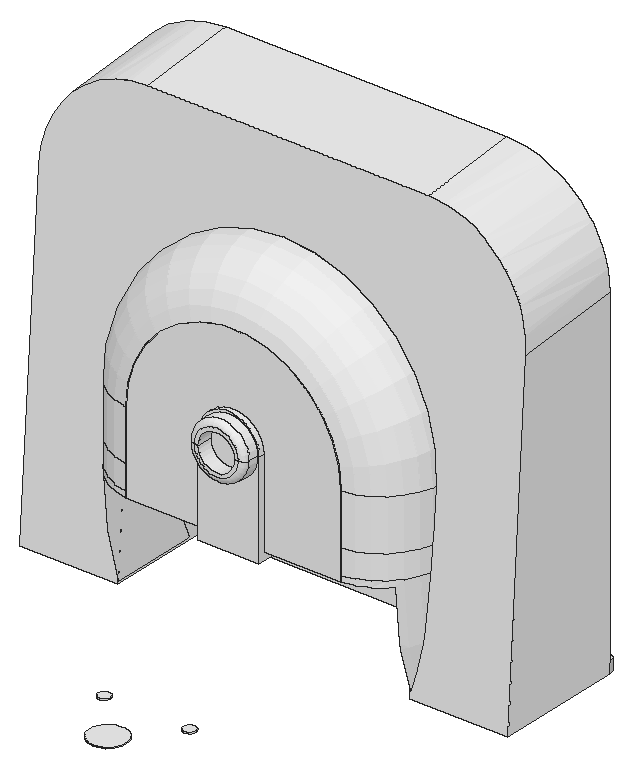
Revit family "Plumbing-Lavatories-Sloan-Valve-SS3506_", category Plumbing Fixtures, host Face, Revit 2019
Family settings
  Host = Face
  Round Connector Dimension = Use Diameter
  Part Type = Normal
  OmniClass Number = 23.45.05.14.14
  OmniClass Title = Sinks/Lavatories
  Cut with Voids When Loaded = Yes
  Shared = No
  Room Calculation Point = No
Parameters (values of type "SS-3506")
  Width = 20"  # constant formula
  Water Flow = 0 GPM
  Waste Connection = yes
  WFU = 2
  Vent Connection = yes
  Valve Pressure Drop = 0.00 psi
  URL = "www.sloanvalve.com"
  Shroud Visibility [instance] = yes
  Sanitary Drain Connector Description = "Sanitary Drain Connector d1 1/2\""
  Sanitary Drain Connection Diameter = 1 1/2"  # constant formula
  Product data url = "https://bimobject.com/sloan_valve/product/lavatories_sloan_ss-3506"
  Product Material = Sloan Valve - Vitreous China - White
  Product Guid = ""
  Part Number = "3873506"
  Model = "SS-3506"
  Manufacturer = "Sloan Valve"  # constant formula
  Keynote = "10000"
  Installation Height [instance] = 34"  # constant formula
  Hot Water Connector Description = "Hot Water Connector d1/2\""
  Hot Water Connection Diameter = 1/2"  # constant formula
  Height = 7 1/4"  # constant formula
  HWFU = 1.5
  HW Connection = yes
  Edition number = 1
  Description = "Vitreous China Wall-Mounted Ledgeback Lavatory."
  Depth = 18"  # constant formula
  Default Elevation = 0"
  Cold Water Connector Description = "Cold Water Connector d1/2\""
  Cold Water Connection Diameter = 1/2"  # constant formula
  CWFU = 1.5
  CW Connection = yes
  Assembly Code = "D2010400"
  ADA Compliant [instance] = 1 = 1  # yes
Types (3): name | Product Material | Part Number | Model | Description
  (no name) | Sloan Valve - Vitreous China - White | "3873506" | "SS-3506" | "Vitreous China Wall-Mounted Ledgeback Lavatory."
  SS-3506 | Sloan Valve - Vitreous China - White | "3873506" | "SS-3506" | "Vitreous China Wall-Mounted Ledgeback Lavatory."
  SS-3506-STG | Sloan Valve - Vitreous China - SloanTec Glaze White | "3873576" | "SS-3506-STG" | "Vitreous China Wall-Mounted Ledgeback Lavatory with SloanTec® Glaze."
Reference planes
  plane 1 "Center (Front/Back)": y = 0
  plane 2: z = 0
  plane 3 "Center (Left/Right)": x = 0
  plane 4: z = 449.549
  plane 5: z = 171.872
  plane 6: x = -44.45
  plane 7: x = 44.45
  plane 8: y = 863.6
  plane 9: z = 449.549
  plane 10: z = 171.872
  plane 11: x = -44.45
  plane 12: x = 44.45
Forms (mm)
  Extrusion 1, solid, material "Sloan Valve - Vitreous China - White" <- "Product Material"
    sketch origin (0, 863.6, 0) x (1, 0, 0) y (0, 1, 0)
      loop
        circle (0, -336.55) r 19.05
      loop
        circle (-44.45, -285.75) r 6.35
      loop
        circle (44.45, -285.75) r 6.35
    from 0 to 0.799
  Blend 2, solid, material "Sloan Valve - Vitreous China - White" <- "Product Material"
    base sketch origin (0, 863.6, 0) x (1, 0, 0) y (0, 0, 1)
      loop
        line (146.05, 449.549) -> (-146.05, 449.549)
        arc (-146.05, 449.549) -> (-222.382, 417.931) -> (-254, 341.599) r 107.95
        line (-254, 341.599) -> (-254, 0) -> (254, 0) -> (254, 341.599)
        arc (254, 341.599) -> (222.382, 417.931) -> (146.05, 449.549) r 107.95
    top sketch origin (0, 863.6, 0) x (1, 0, 0) y (0, 0, 1)
      loop
        line (146.05, 463.55) -> (-146.05, 463.55)
        arc (-146.05, 463.55) -> (-222.382, 431.932) -> (-254, 355.6) r 107.95
        line (-254, 355.6) -> (-254, 0) -> (254, 0) -> (254, 355.6)
        arc (254, 355.6) -> (222.382, 431.932) -> (146.05, 463.55) r 107.95
    from 143.602 to 0
  Extrusion 3, void
    sketch origin (0, 850.9, 0) x (0, 1, 0) y (0, 0, 1)
      loop
        line (-120.65, 0) -> (-85.214, 506.763) -> (-155.064, 506.763) -> (-155.064, 0) -> (-120.65, 0)
    from -254 to 254
  Extrusion 4, solid, material "Sloan Valve - Vitreous China - White" <- "Product Material"
    sketch origin (0, 863.6, 0) x (1, 0, 0) y (0, 0, 1)
      loop
        arc (112.31, 197.272) -> (0, 309.581) -> (-112.31, 197.272) r 112.31
        line (-112.31, 197.272) -> (-112.31, 112.265) -> (112.31, 112.265) -> (112.31, 197.272)
    from 47.604 to 173.355
  Extrusion 5, void
    sketch origin (0, 863.6, 0) x (1, 0, 0) y (0, 0, 1)
      loop
        line (130.175, 429.765) -> (-130.175, 429.765)
        arc (-130.175, 429.765) -> (-184.057, 407.447) -> (-206.375, 353.565) r 76.2
        line (-206.375, 353.565) -> (-206.375, 194.815)
        arc (-206.375, 194.815) -> (-184.057, 140.934) -> (-130.175, 118.615) r 76.2
        line (-130.175, 118.615) -> (130.175, 118.615)
        arc (130.175, 118.615) -> (184.057, 140.934) -> (206.375, 194.815) r 76.2
        line (206.375, 194.815) -> (206.375, 353.565)
        arc (206.375, 353.565) -> (184.057, 407.447) -> (130.175, 429.765) r 76.2
    from -46.757 to 100.567
  Extrusion 6, void
    sketch origin (0, 863.6, -53.256) x (1, 0, 0) y (0, 0, 1)
      loop
        line (-152.4, 165.522) -> (-152.4, -75.2) -> (152.4, -75.2) -> (152.4, 165.522) -> (-152.4, 165.522)
    from 21.237 to 192.253
  Extrusion 7, solid, material "Sloan Valve - Vitreous China - White" <- "Product Material"
    sketch origin (0, 863.6, 0) x (1, 0, 0) y (0, 1, 0)
      loop
        line (-206.375, 0) -> (-214.791, 0)
        arc (-214.791, 0) -> (0, -99.133) -> (214.791, 0) r 282.259
        line (214.791, 0) -> (206.375, 0)
        arc (206.375, 0) -> (0, -92.783) -> (-206.375, 0) r 275.909
    from 112.265 to 429.765
  Sweep 8, solid, material "Sloan Valve - Vitreous China - White" <- "Product Material"
    path origin (0, 843.147, 0) x (1, 0, 0) y (0, 0, 1)
      loop
        line (169.286, 144.015) -> (169.286, 197.272)
        arc (169.286, 197.272) -> (0, 366.558) -> (-169.286, 197.272) r 169.286
        line (-169.286, 197.272) -> (-169.286, 144.015)
    profile origin (0, 843.147, 366.558) x (0, 0, -1) y (0, -1, 0)
      loop
        line (0, 87.358) -> (0, 47.604) -> (56.976, 47.604) -> (56.976, 152.902)
        arc (56.976, 152.902) -> (16.235, 130.781) -> (0, 87.358) r 66.188
  Sweep 9, solid, material "Sloan Valve - Vitreous China - White" <- "Product Material"
    path origin (0, 843.147, -53.256) x (0, 1, 0) y (0, 0, 1)
      loop
        line (-100.253, 197.272) -> (-100.253, 171.872)
        arc (-100.253, 171.872) -> (-91.881, 100.623) -> (-67.221, 33.256) r 307.357
    profile origin (0, 742.894, 131.315) x (1, 0, 0) y (0, 1, 0)
      loop
        arc (112.31, -52.649) -> (153.051, -30.528) -> (169.286, 12.895) r 66.188
        line (169.286, 12.895) -> (169.286, 52.649) -> (112.31, 52.649) -> (112.31, -52.649)
      loop
        line (-112.31, -52.649) -> (-112.31, 52.649) -> (-169.286, 52.649) -> (-169.286, 12.895)
        arc (-169.286, 12.895) -> (-153.051, -30.528) -> (-112.31, -52.649) r 66.188
  Extrusion 10, void
    sketch origin (0, 863.6, 0) x (0, 1, 0) y (0, 0, 1)
      loop
        line (-173.355, 2.491) -> (-173.355, -49.601) -> (0, -49.601) -> (0, 2.491) -> (-173.355, 2.491)
    from -254 to 254
  Extrusion 11, void
    sketch origin (0, 863.6, 0) x (1, 0, 0) y (0, 0, 1)
      loop
        circle (0, 76.2) r 12.7
      loop
        circle (-50.8, 76.2) r 12.7
      loop
        circle (50.8, 76.2) r 12.7
      loop
        circle (101.6, 76.2) r 12.7
    from 0 to 94.353
  Extrusion 12, void
    sketch origin (0, 863.6, 0) x (1, 0, 0) y (0, 0, 1)
      loop
        circle (0, 203.2) r 19.05
    from 0 to 461.809
  Extrusion 13, void
    sketch origin (0, 863.6, 0) x (1, 0, 0) y (0, 1, 0)
      loop
        circle (0, -38.016) r 9.525
    from 0 to 221.201
  Extrusion 14, solid, material "Sloan Valve - Vitreous China - White" <- "Product Material"
    sketch origin (0, 863.6, 0) x (1, 0, 0) y (0, 1, 0)
      loop
        arc (-244.475, 9.525) -> (-251.21, 6.735) -> (-254, 0) r 9.525
        line (-254, 0) -> (254, 0)
        arc (254, 0) -> (251.21, 6.735) -> (244.475, 9.525) r 9.525
        line (244.475, 9.525) -> (-244.475, 9.525)
    from 0 to 11.826
  Extrusion 15, solid, material "Sloan Valve - Vitreous China - White" <- "Product Material"
    sketch origin (0, 863.6, 0) x (1, 0, 0) y (0, 0, 1)
      loop
        arc (31.75, 203.2) -> (0, 234.95) -> (-31.75, 203.2) r 31.75
        line (-31.75, 203.2) -> (-31.75, 112.265) -> (31.75, 112.265) -> (31.75, 203.2)
    from 173.355 to 179.234
  Extrusion 16, solid, material "Sloan Valve - Vitreous China - White" <- "Product Material"
    sketch origin (0, 863.6, 0) x (1, 0, 0) y (0, 1, 0)
      loop
        line (31.75, -179.234) -> (31.75, -21.237) -> (-31.75, -21.237) -> (-31.75, -179.234) -> (31.75, -179.234)
    from 103.495 to 112.265
  Revolve 17, solid, material "Sloan Valve - Vitreous China - White" <- "Product Material"
    sketch origin (0, 863.6, 203.2) x (1, 0, 0) y (0, 1, 0)
      loop
        line (-30.865, -165.963) -> (-29.238, -189.22)
        arc (-29.238, -189.22) -> (-27.234, -193.421) -> (-22.904, -195.127) r 6.35
        line (-22.904, -195.127) -> (-19.05, -195.127) -> (-19.05, -165.963) -> (-30.865, -165.963)
      axis (0, -195.127) -> (0, -165.963)
    angle from 0 to 360
  Extrusion 18, solid, material "Sloan Valve - Vitreous China - White" <- "Product Material", not visible
    sketch origin (0, 863.6, 0) x (1, 0, 0) y (0, 1, 0)
      loop
        circle (0, -336.55) r 19.05
      loop
        circle (-44.45, -285.75) r 6.35
      loop
        circle (44.45, -285.75) r 6.35
    from 0 to 0.799
  Blend 19, solid, material "Sloan Valve - Vitreous China - White" <- "Product Material", not visible
    base sketch origin (0, 863.6, 0) x (1, 0, 0) y (0, 0, 1)
      loop
        line (146.05, 449.549) -> (-146.05, 449.549)
        arc (-146.05, 449.549) -> (-222.382, 417.931) -> (-254, 341.599) r 107.95
        line (-254, 341.599) -> (-254, 0) -> (254, 0) -> (254, 341.599)
        arc (254, 341.599) -> (222.382, 417.931) -> (146.05, 449.549) r 107.95
    top sketch origin (0, 863.6, 0) x (1, 0, 0) y (0, 0, 1)
      loop
        line (146.05, 463.55) -> (-146.05, 463.55)
        arc (-146.05, 463.55) -> (-222.382, 431.932) -> (-254, 355.6) r 107.95
        line (-254, 355.6) -> (-254, 0) -> (254, 0) -> (254, 355.6)
        arc (254, 355.6) -> (222.382, 431.932) -> (146.05, 463.55) r 107.95
    from 143.602 to 0
  Extrusion 20, void, not visible
    sketch origin (0, 850.9, 0) x (0, 1, 0) y (0, 0, 1)
      loop
        line (-120.65, 0) -> (-85.214, 506.763) -> (-155.064, 506.763) -> (-155.064, 0) -> (-120.65, 0)
    from -254 to 254
  Extrusion 21, solid, material "Sloan Valve - Vitreous China - White" <- "Product Material", not visible
    sketch origin (0, 863.6, 0) x (1, 0, 0) y (0, 0, 1)
      loop
        arc (112.31, 197.272) -> (0, 309.581) -> (-112.31, 197.272) r 112.31
        line (-112.31, 197.272) -> (-112.31, 112.265) -> (112.31, 112.265) -> (112.31, 197.272)
    from 47.604 to 173.355
  Extrusion 22, void, not visible
    sketch origin (0, 863.6, 0) x (1, 0, 0) y (0, 0, 1)
      loop
        line (130.175, 429.765) -> (-130.175, 429.765)
        arc (-130.175, 429.765) -> (-184.057, 407.447) -> (-206.375, 353.565) r 76.2
        line (-206.375, 353.565) -> (-206.375, 194.815)
        arc (-206.375, 194.815) -> (-184.057, 140.934) -> (-130.175, 118.615) r 76.2
        line (-130.175, 118.615) -> (130.175, 118.615)
        arc (130.175, 118.615) -> (184.057, 140.934) -> (206.375, 194.815) r 76.2
        line (206.375, 194.815) -> (206.375, 353.565)
        arc (206.375, 353.565) -> (184.057, 407.447) -> (130.175, 429.765) r 76.2
    from -46.757 to 100.567
  Extrusion 23, void, not visible
    sketch origin (0, 863.6, -53.256) x (1, 0, 0) y (0, 0, 1)
      loop
        line (-152.4, 165.522) -> (-152.4, -75.2) -> (152.4, -75.2) -> (152.4, 165.522) -> (-152.4, 165.522)
    from 21.237 to 192.253
  Extrusion 24, solid, material "Sloan Valve - Vitreous China - White" <- "Product Material", not visible
    sketch origin (0, 863.6, 0) x (1, 0, 0) y (0, 1, 0)
      loop
        line (-206.375, 0) -> (-214.791, 0)
        arc (-214.791, 0) -> (0, -99.133) -> (214.791, 0) r 282.259
        line (214.791, 0) -> (206.375, 0)
        arc (206.375, 0) -> (0, -92.783) -> (-206.375, 0) r 275.909
    from 112.265 to 429.765
  Sweep 25, solid, material "Sloan Valve - Vitreous China - White" <- "Product Material", not visible
    path origin (0, 843.147, 0) x (1, 0, 0) y (0, 0, 1)
      loop
        line (169.286, 144.015) -> (169.286, 197.272)
        arc (169.286, 197.272) -> (0, 366.558) -> (-169.286, 197.272) r 169.286
        line (-169.286, 197.272) -> (-169.286, 144.015)
    profile origin (0, 843.147, 366.558) x (0, 0, -1) y (0, -1, 0)
      loop
        line (0, 87.358) -> (0, 47.604) -> (56.976, 47.604) -> (56.976, 152.902)
        arc (56.976, 152.902) -> (16.235, 130.781) -> (0, 87.358) r 66.188
  Sweep 26, solid, material "Sloan Valve - Vitreous China - White" <- "Product Material", not visible
    path origin (0, 843.147, -53.256) x (0, 1, 0) y (0, 0, 1)
      loop
        line (-100.253, 197.272) -> (-100.253, 171.872)
        arc (-100.253, 171.872) -> (-91.881, 100.623) -> (-67.221, 33.256) r 307.357
    profile origin (0, 742.894, 131.315) x (1, 0, 0) y (0, 1, 0)
      loop
        arc (112.31, -52.649) -> (153.051, -30.528) -> (169.286, 12.895) r 66.188
        line (169.286, 12.895) -> (169.286, 52.649) -> (112.31, 52.649) -> (112.31, -52.649)
      loop
        line (-112.31, -52.649) -> (-112.31, 52.649) -> (-169.286, 52.649) -> (-169.286, 12.895)
        arc (-169.286, 12.895) -> (-153.051, -30.528) -> (-112.31, -52.649) r 66.188
  Extrusion 27, void, not visible
    sketch origin (0, 863.6, 0) x (0, 1, 0) y (0, 0, 1)
      loop
        line (-173.355, 2.491) -> (-173.355, -49.601) -> (0, -49.601) -> (0, 2.491) -> (-173.355, 2.491)
    from -254 to 254
  Extrusion 28, void, not visible
    sketch origin (0, 863.6, 0) x (1, 0, 0) y (0, 0, 1)
      loop
        circle (0, 76.2) r 12.7
      loop
        circle (-50.8, 76.2) r 12.7
      loop
        circle (50.8, 76.2) r 12.7
      loop
        circle (101.6, 76.2) r 12.7
    from 0 to 94.353
  Extrusion 29, void, not visible
    sketch origin (0, 863.6, 0) x (1, 0, 0) y (0, 0, 1)
      loop
        circle (0, 203.2) r 19.05
    from 0 to 461.809
  Extrusion 30, void, not visible
    sketch origin (0, 863.6, 0) x (1, 0, 0) y (0, 1, 0)
      loop
        circle (0, -38.016) r 9.525
    from 0 to 221.201
  Extrusion 31, solid, material "Sloan Valve - Vitreous China - White" <- "Product Material", not visible
    sketch origin (0, 863.6, 0) x (1, 0, 0) y (0, 1, 0)
      loop
        arc (-244.475, 9.525) -> (-251.21, 6.735) -> (-254, 0) r 9.525
        line (-254, 0) -> (254, 0)
        arc (254, 0) -> (251.21, 6.735) -> (244.475, 9.525) r 9.525
        line (244.475, 9.525) -> (-244.475, 9.525)
    from 0 to 11.826
  Extrusion 32, solid, material "Sloan Valve - Vitreous China - White" <- "Product Material", not visible
    sketch origin (0, 863.6, 0) x (1, 0, 0) y (0, 0, 1)
      loop
        arc (31.75, 203.2) -> (0, 234.95) -> (-31.75, 203.2) r 31.75
        line (-31.75, 203.2) -> (-31.75, 112.265) -> (31.75, 112.265) -> (31.75, 203.2)
    from 173.355 to 179.234
  Extrusion 33, solid, material "Sloan Valve - Vitreous China - White" <- "Product Material", not visible
    sketch origin (0, 863.6, 0) x (1, 0, 0) y (0, 1, 0)
      loop
        line (31.75, -179.234) -> (31.75, -21.237) -> (-31.75, -21.237) -> (-31.75, -179.234) -> (31.75, -179.234)
    from 103.495 to 112.265
  Revolve 34, solid, material "Sloan Valve - Vitreous China - White" <- "Product Material", not visible
    sketch origin (0, 863.6, 203.2) x (1, 0, 0) y (0, 1, 0)
      loop
        line (-30.865, -165.963) -> (-29.238, -189.22)
        arc (-29.238, -189.22) -> (-27.234, -193.421) -> (-22.904, -195.127) r 6.35
        line (-22.904, -195.127) -> (-19.05, -195.127) -> (-19.05, -165.963) -> (-30.865, -165.963)
      axis (0, -195.127) -> (0, -165.963)
    angle from 0 to 360
Cuts and joins
  Extrusion 3, Extrusion 5, Extrusion 6, Extrusion 11, Extrusion 13 cuts Blend 2
  Extrusion 5, Extrusion 12 cuts Extrusion 4
  Extrusion 12 cuts Extrusion 7
  Extrusion 10 cuts Extrusion 14
  joined: Blend 2, Extrusion 4, Extrusion 7, Extrusion 14
  Extrusion 3 cuts Revolve 17
  Extrusion 6 cuts Extrusion 15
  joined: Extrusion 15, Extrusion 16
  Extrusion 5 cuts Sweep 8
  Extrusion 5, Extrusion 6, Extrusion 10 cuts Sweep 9
  joined: Sweep 8, Sweep 9
Lines and regions (mm)
  Masking region 1
    outline origin (0, 0, 0) x (1, 0, 0) y (0, 0, 1)
      loop
        line (254, 0) -> (254, 355.6)
        arc (254, 355.6) -> (222.382, 431.932) -> (146.05, 463.55) r 107.95
        line (146.05, 463.55) -> (-146.05, 463.55)
        arc (-146.05, 463.55) -> (-222.382, 431.932) -> (-254, 355.6) r 107.95
        line (-254, 355.6) -> (-254, 0) -> (254, 0)
  symbolic lines, detail levels medium+fine
    curve 1: line (130.175, 0, 429.765) -> (-130.175, 0, 429.765)
    curve 2: line (-206.375, 0, 353.565) -> (-206.375, 0, 194.815)
    curve 3: line (-130.175, 0, 118.615) -> (130.175, 0, 118.615)
    curve 4: arc (130.175, 0, 118.615) -> (184.057, 0, 140.934) -> (206.375, 0, 194.815) r 76.2
    curve 5: line (206.375, 0, 194.815) -> (206.375, 0, 353.565)
    curve 7: arc (-130.175, 0, 429.765) -> (-184.057, 0, 407.447) -> (-206.375, 0, 353.565) r 76.2
    curve 8: arc (-206.375, 0, 194.815) -> (-184.057, 0, 140.934) -> (-130.175, 0, 118.615) r 76.2
    curve 9: arc (206.375, 0, 353.565) -> (184.057, 0, 407.447) -> (130.175, 0, 429.765) r 76.2
  symbolic lines, detail levels fine
    curve 6: circle (0, 0, 76.2) r 12.7 normal (0, -1, 0)
    curve 10: circle (0, 0, 203.2) r 19.05 normal (0, -1, 0)
    curve 11: line (254, 0, 11.826) -> (-254, 0, 11.826)
    curve 12: circle (50.8, 0, 76.2) r 12.7 normal (0, -1, 0)
    curve 13: circle (-50.8, 0, 76.2) r 12.7 normal (0, 1, 0)
    curve 14: circle (101.6, 0, 76.2) r 12.7 normal (0, -1, 0)
Dimensions and locks
  plane 6 to plane 7 = 3 1/2"
  "Installation Height": plane 8 to plane 1 "Center (Front/Back)"
  aligned and locked: plane 2 to host face
  aligned and locked: level to host face
Automatic sketch dimensions
  host sketch curve to host sketch curve = 96"  (x2)
  Masking region 1 sketch curve to level = 0"
  Masking region 1 sketch curve to plane 3 "Center (Left/Right)" = 10"
  Masking region 1 sketch curve to Masking region 1 sketch curve = 4 1/4"
  plane 3 "Center (Left/Right)" to Masking region 1 sketch curve = 5 3/4"
  plane 3 "Center (Left/Right)" to Masking region 1 sketch curve = 10"
  Masking region 1 sketch curve to Masking region 1 sketch curve = 14"
  Extrusion 1 sketch curve to plane 6 = 0"
  Extrusion 1 sketch curve to plane 7 = 0"
  plane 6 to Extrusion 1 sketch curve = 1 3/4"
  Extrusion 1 sketch curve to Extrusion 1 sketch curve = 2"  (x2)
  Blend 2 sketch curve to plane 4 = 0"
  plane 4 to Blend 2 sketch curve = 17.69876"
  plane 4 to Blend 2 sketch curve = 4 1/4"  (x2)
  Blend 2 sketch curve to Blend 2 sketch curve = 11 1/2"  (x2)
  Blend 2 sketch curve to Blend 2 sketch curve = 4 1/4"  (x2)
  Blend 2 sketch curve to Blend 2 sketch curve = 14"
  Extrusion 3 sketch curve to Extrusion 3 sketch curve = 1.35487"
  Extrusion 3 sketch curve to Extrusion 3 sketch curve = 2 3/4"
  Extrusion 3 sketch curve to Extrusion 3 sketch curve = 19.95128"
  Extrusion 4 sketch curve to plane 5 = 2.3467"
  plane 5 to Extrusion 4 sketch curve = 1"
  Extrusion 4 sketch curve to Extrusion 4 sketch curve = 4.42164"
  Extrusion 5 sketch curve to Extrusion 5 sketch curve = 3"  (x3)
  Extrusion 5 sketch curve to Extrusion 5 sketch curve = 10 1/4"
  Extrusion 5 sketch curve to Extrusion 5 sketch curve = 0"
  Extrusion 5 sketch curve to Extrusion 5 sketch curve = 6 1/4"
  Extrusion 6 sketch curve to Extrusion 6 sketch curve = 12"
  Extrusion 6 sketch curve to Extrusion 6 sketch curve = 9.47721"
  Extrusion 7 sketch curve to Extrusion 7 sketch curve = 0"  (x4)
  Extrusion 7 sketch curve to Extrusion 7 sketch curve = 0.33132"
  Extrusion 7 sketch curve to Extrusion 7 sketch curve = 8 1/8"  (x2)
  Sweep 8 sketch curve to Sweep 8 sketch curve = 6.6648"
  Sweep 8 sketch curve to Sweep 8 sketch curve = 2.0967"  (x2)
  Sweep 8 sketch curve to profile plane = 0"
  Sweep 8 sketch curve to profile plane = 2.24316"
  Sweep 8 sketch curve to Sweep 8 sketch curve = 0.36266"
  profile plane to Sweep 8 sketch curve = 1.87419"
  Sweep 8 sketch curve to Sweep 8 sketch curve = 1.56511"
  Sweep 9 sketch curve to Sweep 9 sketch curve = 1"
  Sweep 9 sketch curve to profile plane = 6.6648"
  profile plane to Sweep 9 sketch curve = 2.07279"
  Sweep 9 sketch curve to Sweep 9 sketch curve = 2.24316"  (x2)
  Sweep 9 sketch curve to profile plane = 0.50768"  (x2)
  profile plane to Sweep 9 sketch curve = 4.05898"
  Sweep 9 sketch curve to Sweep 9 sketch curve = 0.36266"
  Sweep 9 sketch curve to Sweep 9 sketch curve = 1.56511"  (x2)
  Extrusion 10 sketch curve to Extrusion 10 sketch curve = 6.825"
  Extrusion 10 sketch curve to Extrusion 10 sketch curve = 2.05089"
  Extrusion 14 sketch curve to Extrusion 14 sketch curve = 19 1/4"
  Extrusion 15 sketch curve to Extrusion 15 sketch curve = 1 1/4"
  Extrusion 15 sketch curve to Extrusion 15 sketch curve = 3.5801"
  Extrusion 15 sketch curve to Extrusion 15 sketch curve = 0"
  Extrusion 16 sketch curve to Extrusion 16 sketch curve = 2 1/2"
  Revolve 17 sketch curve to Revolve 17 sketch curve = 0.06403"
  Revolve 17 sketch curve to Revolve 17 sketch curve = 0.24939"
  Revolve 17 sketch curve to Revolve 17 sketch curve = 0.46514"
  Revolve 17 sketch curve to Revolve 17 sketch curve = 0.23256"
  Revolve 17 sketch curve to Revolve 17 sketch curve = 3/4"
  Revolve 17 sketch curve to Revolve 17 sketch curve = 0.90898"
  Revolve 17 sketch curve to Revolve 17 sketch curve = 2 1/4"
  Extrusion 7 sketch curve to Extrusion 7 sketch curve = 7.2097"
  Sweep 9 sketch curve to Sweep 9 sketch curve = 12.10065"
  Sweep 9 sketch curve to Sweep 9 sketch curve = 1.3005"
  Extrusion 14 sketch curve to Extrusion 14 sketch curve = 3/8"
  Extrusion 16 sketch curve to Extrusion 16 sketch curve = 6.22034"
  Revolve 17 sketch curve to Revolve 17 sketch curve = 0.89819"
  Extrusion 18 sketch curve to plane 11 = 0"
  Extrusion 18 sketch curve to plane 12 = 0"
  plane 11 to Extrusion 18 sketch curve = 1 3/4"
  Extrusion 18 sketch curve to Extrusion 18 sketch curve = 2"  (x2)
  Blend 19 sketch curve to plane 9 = 0"
  plane 9 to Blend 19 sketch curve = 17.69876"
  plane 9 to Blend 19 sketch curve = 4 1/4"  (x2)
  Blend 19 sketch curve to Blend 19 sketch curve = 11 1/2"  (x2)
  Blend 19 sketch curve to Blend 19 sketch curve = 4 1/4"  (x2)
  Blend 19 sketch curve to Blend 19 sketch curve = 14"
  Extrusion 20 sketch curve to Extrusion 20 sketch curve = 1.35487"
  Extrusion 20 sketch curve to Extrusion 20 sketch curve = 2 3/4"
  Extrusion 20 sketch curve to Extrusion 20 sketch curve = 19.95128"
  Extrusion 21 sketch curve to plane 10 = 2.3467"
  plane 10 to Extrusion 21 sketch curve = 1"
  Extrusion 21 sketch curve to Extrusion 21 sketch curve = 4.42164"
  Extrusion 22 sketch curve to Extrusion 22 sketch curve = 3"  (x3)
  Extrusion 22 sketch curve to Extrusion 22 sketch curve = 10 1/4"
  Extrusion 22 sketch curve to Extrusion 22 sketch curve = 0"
  Extrusion 22 sketch curve to Extrusion 22 sketch curve = 6 1/4"
  Extrusion 23 sketch curve to Extrusion 23 sketch curve = 12"
  Extrusion 23 sketch curve to Extrusion 23 sketch curve = 9.47721"
  Extrusion 24 sketch curve to Extrusion 24 sketch curve = 0"  (x4)
  Extrusion 24 sketch curve to Extrusion 24 sketch curve = 0.33132"
  Extrusion 24 sketch curve to Extrusion 24 sketch curve = 8 1/8"  (x2)
  Sweep 25 sketch curve to Sweep 25 sketch curve = 6.6648"
  Sweep 25 sketch curve to Sweep 25 sketch curve = 2.0967"  (x2)
  Sweep 25 sketch curve to profile plane = 0"
  Sweep 25 sketch curve to profile plane = 2.24316"
  Sweep 25 sketch curve to Sweep 25 sketch curve = 0.36266"
  profile plane to Sweep 25 sketch curve = 1.87419"
  Sweep 25 sketch curve to Sweep 25 sketch curve = 1.56511"
  Sweep 26 sketch curve to Sweep 26 sketch curve = 1"
  Sweep 26 sketch curve to profile plane = 6.6648"
  profile plane to Sweep 26 sketch curve = 2.07279"
  Sweep 26 sketch curve to Sweep 26 sketch curve = 2.24316"  (x2)
  Sweep 26 sketch curve to profile plane = 0.50768"  (x2)
  profile plane to Sweep 26 sketch curve = 4.05898"
  Sweep 26 sketch curve to Sweep 26 sketch curve = 0.36266"
  Sweep 26 sketch curve to Sweep 26 sketch curve = 1.56511"  (x2)
  Extrusion 27 sketch curve to Extrusion 27 sketch curve = 6.825"
  Extrusion 27 sketch curve to Extrusion 27 sketch curve = 2.05089"
  Extrusion 31 sketch curve to Extrusion 31 sketch curve = 19 1/4"
  Extrusion 32 sketch curve to Extrusion 32 sketch curve = 1 1/4"
  Extrusion 32 sketch curve to Extrusion 32 sketch curve = 3.5801"
  Extrusion 32 sketch curve to Extrusion 32 sketch curve = 0"
  Extrusion 33 sketch curve to Extrusion 33 sketch curve = 2 1/2"
  Revolve 34 sketch curve to Revolve 34 sketch curve = 0.06403"
  Revolve 34 sketch curve to Revolve 34 sketch curve = 0.24939"
  Revolve 34 sketch curve to Revolve 34 sketch curve = 0.46514"
  Revolve 34 sketch curve to Revolve 34 sketch curve = 0.23256"
  Revolve 34 sketch curve to Revolve 34 sketch curve = 3/4"
  Revolve 34 sketch curve to Revolve 34 sketch curve = 0.90898"
  Revolve 34 sketch curve to Revolve 34 sketch curve = 2 1/4"
  Extrusion 24 sketch curve to Extrusion 24 sketch curve = 7.2097"
  Sweep 26 sketch curve to Sweep 26 sketch curve = 12.10065"
  Sweep 26 sketch curve to Sweep 26 sketch curve = 1.3005"
  Extrusion 31 sketch curve to Extrusion 31 sketch curve = 3/8"
  Extrusion 33 sketch curve to Extrusion 33 sketch curve = 6.22034"
  Revolve 34 sketch curve to Revolve 34 sketch curve = 0.89819"
  Extrusion 11 sketch curve to Extrusion 11 sketch curve = 2"  (x3)
  Extrusion 11 sketch curve to Extrusion 11 sketch curve = 0"  (x3)
  Extrusion 28 sketch curve to Extrusion 28 sketch curve = 2"  (x3)
  Extrusion 28 sketch curve to Extrusion 28 sketch curve = 0"  (x3)
  curve 6 to plane 3 "Center (Left/Right)" = 0"
  curve 10 to plane 3 "Center (Left/Right)" = 0"
  curve 13 to curve 6 = 2"
  curve 1 to plane 3 "Center (Left/Right)" = 5 1/8"
  curve 2 to curve 8 = 3"
  plane 3 "Center (Left/Right)" to curve 12 = 2"
  curve 12 to curve 14 = 2"
  plane 3 "Center (Left/Right)" to curve 1 = 5 1/8"
  curve 14 to curve 4 = 1 1/8"
  curve 4 to curve 5 = 3"
  level to curve 12 = 3"
  curve 14 to curve 12 = 0"
  curve 6 to curve 13 = 0"
  curve 6 to curve 10 = 5"
  curve 5 to curve 5 = 6 1/4"
  level to curve 11 = 0.46559"
  curve 11 to curve 3 = 4 7/8"
  curve 4 to curve 11 = 4 7/8"
  curve 2 to curve 7 = 3"
  level to curve 13 = 3"
  curve 14 to curve 3 = 1.6699"
  radius of Extrusion 1 sketch curve = 3/4"
  radius of Extrusion 1 sketch curve = 1/4"  (x2)
  radius of Extrusion 12 sketch curve = 3/4"
  radius of Extrusion 13 sketch curve = 3/8"
  radius of Extrusion 18 sketch curve = 3/4"
  radius of Extrusion 18 sketch curve = 1/4"  (x2)
  radius of Extrusion 29 sketch curve = 3/4"
  radius of Extrusion 30 sketch curve = 3/8"
  radius of Extrusion 11 sketch curve = 1/2"  (x4)
  radius of Extrusion 28 sketch curve = 1/2"  (x4)
  radius of curve 6 = 1/2"
  radius of curve 10 = 3/4"
  radius of curve 12 = 1/2"
  radius of curve 13 = 1/2"
  radius of curve 14 = 1/2"
Connectors
  piping at (-44.45, 577.85, 0), diameter 12.7, driven by "Hot Water Connection Diameter", driven by "HWFU", driven by "Valve Pressure Drop", driven by "Hot Water Connector Description"
    settings: on Extrusion 1, index 4, connector inside diameter 24", connector length 0", flow factor 0, pipe flow 0 GPM, pressure drop 0.00 psi, fitting loss kfactor 0, connector angle 0.00°, fixture units 1.5, engagement length 0", angle of deflection 0.00°, flow configuration 3, flow direction 1, fitting loss method 4, system type 19, joint type 0, gender type 0, connector reference index -1, connector utility 0, adjustable connector no, is connector primary yes, connector description "Hot Water Connector d1/2\""
  piping at (0, 527.05, 0), diameter 38.1, driven by "Sanitary Drain Connection Diameter", driven by "WFU", driven by "Sanitary Drain Connector Description"
    settings: on Extrusion 1, index 5, connector inside diameter 24", connector length 0", flow factor 0, pipe flow 0 GPM, pressure drop 0.00 psi, fitting loss kfactor 0, connector angle 0.00°, fixture units 2, engagement length 0", angle of deflection 0.00°, flow configuration 3, flow direction 2, fitting loss method 0, system type 16, joint type 0, gender type 0, connector reference index -1, connector utility 0, adjustable connector no, is connector primary no, connector description "Sanitary Drain Connector d1 1/2\""
  piping at (44.45, 577.85, 0), diameter 12.7, driven by "Cold Water Connection Diameter", driven by "CWFU", driven by "Valve Pressure Drop", driven by "Cold Water Connector Description"
    settings: on Extrusion 1, index 6, connector inside diameter 24", connector length 0", flow factor 0, pipe flow 0 GPM, pressure drop 0.00 psi, fitting loss kfactor 0, connector angle 0.00°, fixture units 1.5, engagement length 0", angle of deflection 0.00°, flow configuration 3, flow direction 1, fitting loss method 4, system type 20, joint type 0, gender type 0, connector reference index -1, connector utility 0, adjustable connector no, is connector primary no, connector description "Cold Water Connector d1/2\""
